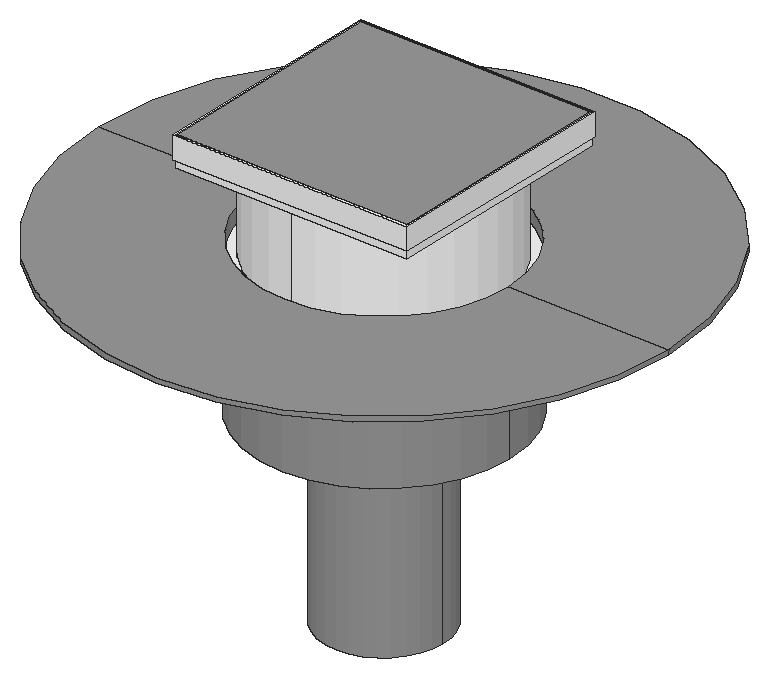
Revit family "HL_RU_Roof drain_HL62BF-B-221103", category Sanitärinstallationen, Revit 2020
Family settings
  Bemaßung runder Anschluss = Durchmesser verwenden
  Teiletyp = Normal
  OmniClass-Nummer = 23.70.50.21.24.14
  OmniClass-Titel = Deck Waste Water Drains
  Arbeitsebenenbasiert = Nein
  Immer vertikal = Ja
  Beim Laden mit Abzugskörper schneiden = Nein
  Gemeinsam genutzt = Nein
  Raumberechnungspunkt = Ja
Parameters (values of type "HL_Кровельная воронка_HL62BF_7")
  РЕШЁТКА = "Edelstahl 137x137mm"
  РАЗМЕР = "DN75"
  ПРОПУСКНАЯ СПОСОБНОСТЬ [instance] = 0.0 L/s
  ПРОИЗВОДИТЕЛЬНОСТЬ = "6,0 l/s"
  ПРАВОВАЯ ИНФОРМАЦИЯ = "Авторские права(©), права на дизайн или какие либо другие права интелектуальной собственности являются исключительной собственностью компании HL Hutterer & Lechner. Изменению не подлежит. Файл семейства с данными о прозводителе изделия защищен паролем с водяным знаком."
  НОМИНАЛЬНЫЙ ДИАМЕТР = 75 mm
  НАСАДКА = "19-65mm/148x148mm"
  МАТЕРИАЛ = "PP"
  МАКСИМАЛЬНАЯ НАГРУЗКА КЛАССА = "K - 300 kg"
  ВЕС = "1,32 [kg]"
  Vorgabe-Ansicht = 0 mm
  Hersteller = "HL Hutterer & Lechner GmbH"  # constant formula
  URL = "http://www.hutterer-lechner.com/ru/products/catalog/roof-drains/HL62BF/7.aspx"
  Материал плитка [instance] = none
  Lüftungsverbindung = no
  Abwasserrohrverbindung = yes
  HW-Verbindung = no
  KW-Verbindung = no
  Beschreibung = "Кровельные воронки"
  Model = "HL62BF_7"
  Assembly Code = " "
  Typenkommentare = "HL62BF/7 Кровельная воронка DN75 для эксплуатируемой кровли, вертикальный выпуск, с ПП_фланцем,"
  Keynote = "HL62BF_7"
  Bысота монтажа [instance] = 65 mm  # constant formula
  G [instance] = 180.00°  # constant formula
  EAN = "9003076031344"
  D [instance] = if(НОМИНАЛЬНЫЙ ДИАМЕТР = 75 mm, 116.5 mm, if(НОМИНАЛЬНЫЙ ДИАМЕТР = 125 mm, 67 mm, 60 mm)) + Bысота монтажа  # 181.5 mm
  C [instance] = if(Bысота монтажа - 68 mm < 0 mm, 0 mm, Bысота монтажа - 68 mm)  # 0 mm
  B [instance] = 100 mm  # constant formula
  A [instance] = if(B - 100 mm > 15 mm, B - 100 mm, 15 mm)  # 15 mm
Types (4, lengths in mm): name | РАЗМЕР | НОМИНАЛЬНЫЙ ДИАМЕТР | ВЕС | URL | Model | Typenkommentare | Keynote | EAN | D
  (no name) | "DN75" | 75 | "1,32 [kg]" | "http://www.hutterer-lechner.com/ru/products/catalog/roof-drains/HL62BF/7.aspx" | "HL62BF_7" | "HL62BF/7 Кровельная воронка DN75 для эксплуатируемой кровли, вертикальный выпуск, с ПП_фланцем," | "HL62BF_7" | "9003076031344" | 181.5
  HL_Кровельная воронка_HL62BF_1 | "DN110" | 110 | "0,9 [kg]" | "http://www.hutterer-lechner.com/ru/products/catalog/roof-drains/HL62BF/1.aspx" | "HL62BF_1" | "HL62BF/1 Кровельная воронка DN110 для эксплуатируемой кровли, вертикальный выпуск, с ПП_фланцем," | "HL62BF_1" | "9003076031351" | 125
  HL_Кровельная воронка_HL62BF_2 | "DN125" | 125 | "0,94 [kg]" | "http://www.hutterer-lechner.com/ru/products/catalog/roof-drains/HL62BF/2.aspx" | "HL62BF_2" | "HL62BF/2 Кровельная воронка DN125 для эксплуатируемой кровли, вертикальный выпуск, с ПП_фланцем," | "HL62BF_2" | "9003076031368" | 132
  HL_Кровельная воронка_HL62BF_7 | "DN75" | 75 | "1,32 [kg]" | "http://www.hutterer-lechner.com/ru/products/catalog/roof-drains/HL62BF/7.aspx" | "HL62BF_7" | "HL62BF/7 Кровельная воронка DN75 для эксплуатируемой кровли, вертикальный выпуск, с ПП_фланцем," | "HL62BF_7" | "9003076031344" | 181.5
Reference planes
  plane 1 "Center (Front/Back)": y = 0
  plane 2: z = 0
  plane 3 "Center (Left/Right)": x = 0
  plane 4: z = -100
  plane 5: z = -65
Lines and regions (mm)
  model lines, style "InvisibleLines"
    curve 1: line (0, 0, 0) -> (0, 0, 20)
  model lines, style "PlumbingFixtures", detail levels coarse+medium
    curve 2: line (0, 0, -100) -> (0, 0, -85)
    curve 3: line (0, 0, -85) -> (-85, 0, 0)
    curve 4: line (0, 0, -85) -> (85, 0, 0)
    curve 6: line (0, 0, -100) -> (0, 0, -281.5)
  reference lines, not visible
    curve 5: line (0, 0, -100) -> (0, 0, -281.5)
  symbolic lines, style "PlumbingFixtures", detail levels coarse+medium
    curve 7: line (-75, 75, 0) -> (75, 75, 0)
    curve 8: line (-75, -75, 0) -> (-75, 75, 0)
    curve 9: line (75, -75, 0) -> (-75, -75, 0)
    curve 10: line (75, 75, 0) -> (75, -75, 0)
    curve 11: line (-75, 75, 0) -> (-145.711, 145.711, 0)
    curve 12: line (75, 75, 0) -> (145.711, 145.711, 0)
    curve 13: line (-75, -75, 0) -> (-145.711, -145.711, 0)
    curve 14: line (75, -75, 0) -> (145.711, -145.711, 0)
  symbolic lines, style "PlumbingFixtures", not visible, detail levels coarse+medium
    curve 15: line (-75, 75, 0) -> (75, 75, 0)
    curve 16: line (-75, -75, 0) -> (-75, 75, 0)
    curve 17: line (75, -75, 0) -> (-75, -75, 0)
    curve 18: line (75, 75, 0) -> (75, -75, 0)
    curve 19: line (-75, 75, 0) -> (-145.711, 145.711, 0)
    curve 20: line (75, 75, 0) -> (145.711, 145.711, 0)
    curve 21: line (-75, -75, 0) -> (-145.711, -145.711, 0)
    curve 22: line (75, -75, 0) -> (145.711, -145.711, 0)
Text (mm)
  text "FLOOR" at (-162.344, 0, -10.979), in view "Drain Construction View"
Dimensions and locks
  "B": plane 2 to plane 4
  "Bысота монтажа": plane 2 to plane 5
  "A": curve 4 to plane 4
  "D": curve 5 to curve 5
  "D": curve 6 to curve 6
  locked: curve 4 to plane 3 "Center (Left/Right)" (angle 45.00°)
  locked: plane 3 "Center (Left/Right)" to curve 3 (angle 45.00°)
  "G": angle curve 5 to plane 3 "Center (Left/Right)"
  aligned and locked: level to plane 2
  aligned and locked: plane 2 to curve 4
  aligned and locked: plane 2 to curve 3
  aligned and locked: plane 4 to curve 5
  aligned and locked: plane 3 "Center (Left/Right)" to curve 5
  aligned and locked: plane 4 to curve 2
  aligned and locked: curve 6 to plane 3 "Center (Left/Right)"
  aligned and locked: curve 6 to plane 4
  aligned and locked: plane 2 to nested 1
  aligned and locked: plane 3 "Center (Left/Right)" to nested 1
  aligned and locked: nested 2 to plane 3 "Center (Left/Right)"
  aligned and locked: nested 2 to plane 5
Automatic sketch dimensions
  curve 2 to plane 3 "Center (Left/Right)" = 0 mm
  curve 1 to plane 3 "Center (Left/Right)" = 0 mm
  curve 1 to level = 0 mm
  level to curve 1 = 20 mm
Nested families
  nested 1: "HL_Насадка_HL66.9S" at (0, 0, 0), Bысота монтажа <- "Bысота монтажа", type "HL_Grate frame_HL66.9S"
    with L 93 mm, IHmin 12 mm, IHmax 65 mm, Bысота монтажа 65 mm
  nested 2: "HL_кровельные воронки - корпус_HL62F" at (0, 0, -65), НОМИНАЛЬНЫЙ ДИАМЕТР <- "НОМИНАЛЬНЫЙ ДИАМЕТР", type "HL_кровельные воронки - корпус_HL62F"
    with НОМИНАЛЬНЫЙ ДИАМЕТР 75 mm, L 119.5 mm
Connectors
  piping at (0, 0, -281.5), diameter 75, driven by "ПРОПУСКНАЯ СПОСОБНОСТЬ", driven by "НОМИНАЛЬНЫЙ ДИАМЕТР"
    settings: on curve 5, index 1, connector inside diameter 609.6 mm, connector length 0 mm, flow factor 0, pipe flow 0.0 L/s, pressure drop 0.0 Pa, fitting loss kfactor 0, connector angle 0.00°, fixture units 0, engagement length 0 mm, angle of deflection 0.00°, flow configuration 1, flow direction 2, fitting loss method 0, system type 16, joint type 0, gender type 0, connector reference index -1, connector utility 0, adjustable connector yes, is connector primary yes, connector description ""
Definition of nested family "HL_Насадка_HL66.9S"
  Parameters (values of type "HL_Grate frame_HL66.9S")
    РЕШЁТКА = "Edelstahl 138x138mm"
    РАЗМЕР = "d 145 mm"
    ПРАВОВАЯ ИНФОРМАЦИЯ = "Авторские права(©), права на дизайн или какие либо другие права интелектуальной собственности являются исключительной собственностью компании HL Hutterer & Lechner. Изменению не подлежит. Файл семейства с данными о прозводителе изделия защищен паролем с водяным знаком."
    НАСАДКА = "147x147mm"
    МАТЕРИАЛ = "PP"
    МАКСИМАЛЬНАЯ НАГРУЗКА КЛАССА = "K - 300 kg"
    ВЫСОТА МОНТАЖА = "12-65mm"
    Материал плитка = none
    ВЕС = "0,345 [kg]"
    Default Elevation = 0 mm
    L [instance] = if(Bысота монтажа < IHmin, -100 mm, if(Bысота монтажа > IHmax, -100 mm, Bысота монтажа + 28 mm))  # 93 mm
    Manufacturer = "HL Hutterer & Lechner GmbH"
    URL = "http://www.hutterer-lechner.com/ru/products/catalog/roof-drains/HL66.9.aspx"
    Description = "Кровельные воронки"
    Model = "HL66.9"
    Type Comments = "HL66.9, Насадка d 145мм с бороздками/147х147мм/138х138мм"
    Keynote = "HL66.9"
    Bысота монтажа [instance] = 65 mm
    IHmin [instance] = 12 mm
    IHmax [instance] = 65 mm
    EAN = "9003076014606"
    Cost = 0
  Reference planes
    plane 1 "Střed (vpředu/vzadu)": y = 0
    plane 2: z = 0
    plane 3 "Střed (vlevo/vpravo)": x = 0
  Forms (mm)
    Revolve 1, solid, detail levels fine
      sketch origin (0, 0, 128) x (0, 1, 0) y (0, 0, 1)
        loop
          line (72.5, -142) -> (69.248, -142) -> (69.248, -221) -> (72.5, -221) -> (72.5, -142)
        axis (0, -142) -> (0, -221)
      angle from 0 to 360
    Extrusion 2, solid, detail levels fine
      sketch origin (-1.537, 0, -14.6) x (0, 1, 0) y (-1, 0, 0)
        loop
          line (74, 72.459) -> (-74, 72.459) -> (-74, -75.537) -> (74, -75.537) -> (74, 72.459)
        loop
          line (73, 71.463) -> (-73, 71.463) -> (-73, -74.537) -> (73, -74.537) -> (73, 71.463)
      from 0.6 to 14.6
    Extrusion 3, solid, detail levels fine
      sketch origin (-1.537, 0, -14) x (-1, 0, 0) y (0, 1, 0)
        loop
          line (71.463, 73) -> (-74.537, 73) -> (-74.537, -73) -> (71.463, -73) -> (71.463, 73)
        loop
          circle (-1.537, 0) r 72.5
      from 0 to 5
    Extrusion 4, solid, detail levels fine
      sketch origin (-1.537, 0, -14) x (-1, 0, 0) y (0, -1, 0)
        loop
          line (70.95, -72.397) -> (70.95, 72.463) -> (-74.05, 72.463) -> (-74.05, -72.397) -> (70.95, -72.397)
      from 0 to 14
    Revolve 5, solid, detail levels fine
      sketch origin (0, 75.989, -93) x (0, -1, 0) y (0, 0, -1)
        loop
          line (3.489, -20) -> (3.489, 0) -> (0.186, 0) -> (-2.325, -2.511) -> (-2.325, -20) -> (3.489, -20)
        axis (75.989, -20) -> (75.989, 0)
      angle from 0 to 360
  Lines and regions (mm)
    model lines, detail levels fine
      curve 1: line (36.25, 24.325, 0) -> (36.25, -24.42, 0)
      curve 2: line (43.75, -24.42, 0) -> (43.75, 24.325, 0)
      curve 3: line (52.25, 40.306, 0) -> (52.25, -40.355, 0)
      curve 4: line (59.75, -40.355, 0) -> (59.75, 40.306, 0)
      curve 5: line (20.25, 8.588, 0) -> (20.25, -8.684, 0)
      curve 6: line (27.75, -8.684, 0) -> (27.75, 8.588, 0)
      curve 7: arc (27.75, 8.588, 0) -> (24, 12.338, 0) -> (20.25, 8.588, 0) r 3.75
      curve 8: arc (20.25, -8.684, 0) -> (24, -12.434, 0) -> (27.75, -8.684, 0) r 3.75
      curve 9: arc (36.25, -24.42, 0) -> (40, -28.17, 0) -> (43.75, -24.42, 0) r 3.75
      curve 10: arc (43.75, 24.325, 0) -> (40, 28.075, 0) -> (36.25, 24.325, 0) r 3.75
      curve 11: arc (59.75, 40.306, 0) -> (56, 44.056, 0) -> (52.25, 40.306, 0) r 3.75
      curve 12: arc (52.25, -40.355, 0) -> (56, -44.105, 0) -> (59.75, -40.355, 0) r 3.75
      curve 13: line (-24.325, -36.25, 0) -> (24.42, -36.25, 0)
      curve 14: line (24.42, -43.75, 0) -> (-24.325, -43.75, 0)
      curve 15: line (-40.306, -52.25, 0) -> (40.355, -52.25, 0)
      curve 16: line (40.355, -59.75, 0) -> (-40.306, -59.75, 0)
      curve 17: line (-8.588, -20.25, 0) -> (8.684, -20.25, 0)
      curve 18: line (8.684, -27.75, 0) -> (-8.588, -27.75, 0)
      curve 19: arc (-8.588, -27.75, 0) -> (-12.338, -24, 0) -> (-8.588, -20.25, 0) r 3.75
      curve 20: arc (8.684, -20.25, 0) -> (12.434, -24, 0) -> (8.684, -27.75, 0) r 3.75
      curve 21: arc (24.42, -36.25, 0) -> (28.17, -40, 0) -> (24.42, -43.75, 0) r 3.75
      curve 22: arc (-24.325, -43.75, 0) -> (-28.075, -40, 0) -> (-24.325, -36.25, 0) r 3.75
      curve 23: arc (-40.306, -59.75, 0) -> (-44.056, -56, 0) -> (-40.306, -52.25, 0) r 3.75
      curve 24: arc (40.355, -52.25, 0) -> (44.105, -56, 0) -> (40.355, -59.75, 0) r 3.75
      curve 25: line (36.25, -24.42, 0) -> (36.25, 24.325, 0)
      curve 26: line (43.75, 24.325, 0) -> (43.75, -24.42, 0)
      curve 27: line (52.25, -40.355, 0) -> (52.25, 40.306, 0)
      curve 28: line (59.75, 40.306, 0) -> (59.75, -40.355, 0)
      curve 29: line (20.25, -8.684, 0) -> (20.25, 8.588, 0)
      curve 30: line (27.75, 8.588, 0) -> (27.75, -8.684, 0)
      curve 31: arc (27.75, -8.588, 0) -> (24, -12.338, 0) -> (20.25, -8.588, 0) r 3.75
      curve 32: arc (20.25, 8.684, 0) -> (24, 12.434, 0) -> (27.75, 8.684, 0) r 3.75
      curve 33: arc (36.25, 24.42, 0) -> (40, 28.17, 0) -> (43.75, 24.42, 0) r 3.75
      curve 34: arc (43.75, -24.325, 0) -> (40, -28.075, 0) -> (36.25, -24.325, 0) r 3.75
      curve 35: arc (59.75, -40.306, 0) -> (56, -44.056, 0) -> (52.25, -40.306, 0) r 3.75
      curve 36: arc (52.25, 40.355, 0) -> (56, 44.105, 0) -> (59.75, 40.355, 0) r 3.75
      curve 37: line (24.42, -36.25, 0) -> (-24.325, -36.25, 0)
      curve 38: line (-24.325, -43.75, 0) -> (24.42, -43.75, 0)
      curve 39: line (40.355, -52.25, 0) -> (-40.306, -52.25, 0)
      curve 40: line (-40.306, -59.75, 0) -> (40.355, -59.75, 0)
      curve 41: line (8.684, -20.25, 0) -> (-8.588, -20.25, 0)
      curve 42: line (-8.588, -27.75, 0) -> (8.684, -27.75, 0)
      curve 43: arc (8.588, -27.75, 0) -> (12.338, -24, 0) -> (8.588, -20.25, 0) r 3.75
      curve 44: arc (-8.684, -20.25, 0) -> (-12.434, -24, 0) -> (-8.684, -27.75, 0) r 3.75
      curve 45: arc (-24.42, -36.25, 0) -> (-28.17, -40, 0) -> (-24.42, -43.75, 0) r 3.75
      curve 46: arc (24.325, -43.75, 0) -> (28.075, -40, 0) -> (24.325, -36.25, 0) r 3.75
      curve 47: arc (40.306, -59.75, 0) -> (44.056, -56, 0) -> (40.306, -52.25, 0) r 3.75
      curve 48: arc (-40.355, -52.25, 0) -> (-44.105, -56, 0) -> (-40.355, -59.75, 0) r 3.75
      curve 49: line (-36.25, 24.325, 0) -> (-36.25, -24.325, 0)
      curve 50: line (-43.75, -24.325, 0) -> (-43.75, 24.325, 0)
      curve 51: line (-52.25, 40.306, 0) -> (-52.25, -40.306, 0)
      curve 52: line (-59.75, -40.306, 0) -> (-59.75, 40.306, 0)
      curve 53: line (-20.25, 8.588, 0) -> (-20.25, -8.588, 0)
      curve 54: line (-27.75, -8.684, 0) -> (-27.75, 8.588, 0)
      curve 55: arc (-27.75, 8.588, 0) -> (-24, 12.338, 0) -> (-20.25, 8.588, 0) r 3.75
      curve 56: arc (-20.25, -8.684, 0) -> (-24, -12.434, 0) -> (-27.75, -8.684, 0) r 3.75
      curve 57: arc (-43.75, 24.325, 0) -> (-40, 28.075, 0) -> (-36.25, 24.325, 0) r 3.75
      curve 58: arc (-59.75, 40.306, 0) -> (-56, 44.056, 0) -> (-52.25, 40.306, 0) r 3.75
      curve 59: line (-36.25, -24.325, 0) -> (-36.25, 24.325, 0)
      curve 60: line (-43.75, 24.325, 0) -> (-43.75, -24.325, 0)
      curve 61: line (-52.25, -40.306, 0) -> (-52.25, 40.306, 0)
      curve 62: line (-59.75, 40.306, 0) -> (-59.75, -40.306, 0)
      curve 63: line (-20.25, -8.588, 0) -> (-20.25, 8.588, 0)
      curve 64: line (-27.75, 8.588, 0) -> (-27.75, -8.684, 0)
      curve 65: arc (-27.75, -8.588, 0) -> (-24, -12.338, 0) -> (-20.25, -8.588, 0) r 3.75
      curve 66: arc (-20.25, 8.684, 0) -> (-24, 12.434, 0) -> (-27.75, 8.684, 0) r 3.75
      curve 67: arc (-36.25, 24.42, 0) -> (-40, 28.17, 0) -> (-43.75, 24.42, 0) r 3.75
      curve 68: arc (-43.75, -24.325, 0) -> (-40, -28.075, 0) -> (-36.25, -24.325, 0) r 3.75
      curve 69: arc (-59.75, -40.306, 0) -> (-56, -44.056, 0) -> (-52.25, -40.306, 0) r 3.75
      curve 70: arc (-52.25, 40.355, 0) -> (-56, 44.105, 0) -> (-59.75, 40.355, 0) r 3.75
      curve 71: line (-24.42, 36.25, 0) -> (24.325, 36.25, 0)
      curve 72: line (24.42, 43.75, 0) -> (-24.42, 43.75, 0)
      curve 73: line (-40.355, 52.25, 0) -> (40.306, 52.25, 0)
      curve 74: line (40.306, 59.75, 0) -> (-40.355, 59.75, 0)
      curve 75: line (-8.588, 20.25, 0) -> (8.588, 20.25, 0)
      curve 76: line (8.684, 27.75, 0) -> (-8.588, 27.75, 0)
      curve 77: arc (-8.588, 27.75, 0) -> (-12.338, 24, 0) -> (-8.588, 20.25, 0) r 3.75
      curve 78: arc (8.684, 20.25, 0) -> (12.434, 24, 0) -> (8.684, 27.75, 0) r 3.75
      curve 79: arc (24.42, 36.25, 0) -> (28.17, 40, 0) -> (24.42, 43.75, 0) r 3.75
      curve 80: line (24.325, 36.25, 0) -> (-24.42, 36.25, 0)
      curve 81: line (-24.42, 43.75, 0) -> (24.42, 43.75, 0)
      curve 82: line (40.306, 52.25, 0) -> (-40.355, 52.25, 0)
      curve 83: line (-40.355, 59.75, 0) -> (40.306, 59.75, 0)
      curve 84: line (8.588, 20.25, 0) -> (-8.588, 20.25, 0)
      curve 85: line (-8.588, 27.75, 0) -> (8.684, 27.75, 0)
      curve 86: arc (8.588, 27.75, 0) -> (12.338, 24, 0) -> (8.588, 20.25, 0) r 3.75
      curve 87: arc (-8.684, 20.25, 0) -> (-12.434, 24, 0) -> (-8.684, 27.75, 0) r 3.75
      curve 88: arc (-24.42, 36.25, 0) -> (-28.17, 40, 0) -> (-24.42, 43.75, 0) r 3.75
      curve 89: arc (24.325, 43.75, 0) -> (28.075, 40, 0) -> (24.325, 36.25, 0) r 3.75
      curve 90: arc (40.306, 59.75, 0) -> (44.056, 56, 0) -> (40.306, 52.25, 0) r 3.75
      curve 91: arc (-40.355, 52.25, 0) -> (-44.105, 56, 0) -> (-40.355, 59.75, 0) r 3.75
    reference lines
      curve 92: line (0, 75.989, -93) -> (0, -174.011, -93)
  Dimensions and locks
    Extrusion 2 sketch curve to Extrusion 2 sketch curve = 147.996 mm
    Extrusion 2 sketch curve to Extrusion 2 sketch curve = 148 mm
    "L": curve 92 to plane 2
    aligned and locked: level to plane 2
    aligned and locked: Revolve 1 to curve 92
  Automatic sketch dimensions
    plane 1 "Střed (vpředu/vzadu)" to Extrusion 2 sketch curve = 74 mm
    Extrusion 2 sketch curve to Extrusion 2 sketch curve = 1 mm  (x3)
    plane 3 "Střed (vlevo/vpravo)" to Extrusion 2 sketch curve = 74 mm
    Extrusion 2 sketch curve to Extrusion 2 sketch curve = 0.996 mm
    Extrusion 3 sketch curve to Extrusion 2 = 0 mm  (x4)
    Extrusion 3 sketch curve to Extrusion 2 = 73 mm  (x2)
    Extrusion 2 to curve 16 = 13.25 mm
    curve 24 to curve 47 = 3.75 mm
    curve 47 to curve 24 = 0 mm
    curve 48 to curve 23 = 0 mm  (x2)
    curve 23 to curve 38 = 8.5 mm
    curve 24 to curve 12 = 11.895 mm
    curve 12 to curve 35 = 0.048 mm
    curve 15 to curve 69 = 11.944 mm
    curve 22 to curve 45 = 3.75 mm
    curve 21 to curve 46 = 3.75 mm
    curve 46 to curve 21 = 0 mm
    curve 22 to curve 18 = 8.5 mm
    curve 21 to curve 9 = 11.83 mm
    curve 13 to curve 49 = 11.925 mm
    curve 9 to curve 34 = 0.095 mm
    curve 18 to curve 19 = 3.75 mm
    curve 44 to curve 19 = 0 mm  (x2)
    curve 43 to curve 20 = 0 mm
    curve 20 to curve 5 = 11.566 mm
    curve 49 to curve 64 = 15.642 mm
    curve 8 to curve 31 = 0.095 mm
    curve 56 to curve 53 = 0.095 mm
    curve 65 to curve 64 = 17.177 mm
    curve 31 to curve 29 = 17.177 mm
    curve 7 to curve 32 = 0.095 mm
    curve 55 to curve 66 = 0.095 mm
    curve 32 to curve 84 = 11.566 mm
    curve 86 to curve 78 = 3.75 mm
    curve 86 to curve 78 = 0 mm
    curve 77 to curve 87 = 3.75 mm
    curve 87 to curve 77 = 0 mm  (x2)
    curve 66 to curve 60 = 15.642 mm
    curve 32 to curve 26 = 15.642 mm
    curve 10 to curve 33 = 0.095 mm
    curve 57 to curve 67 = 0.095 mm
    curve 33 to curve 71 = 11.83 mm
    curve 89 to curve 89 = 3.75 mm
    curve 88 to curve 88 = 3.75 mm
    curve 89 to curve 79 = 0 mm
    curve 33 to curve 11 = 15.886 mm
    curve 67 to curve 51 = 15.886 mm
    curve 58 to curve 70 = 0.048 mm
    curve 11 to curve 36 = 0.048 mm
    curve 70 to curve 73 = 11.895 mm
    curve 90 to curve 90 = 3.75 mm
    Extrusion 2 to curve 28 = 13.25 mm
    curve 4 to curve 11 = 3.75 mm
    curve 35 to curve 12 = 0 mm
    curve 36 to curve 11 = 0 mm
    curve 3 to curve 2 = 8.5 mm
    curve 3 to curve 39 = 11.895 mm
    curve 11 to curve 83 = 11.944 mm
    curve 24 to curve 47 = 0.048 mm
    curve 26 to curve 9 = 3.75 mm
    curve 33 to curve 10 = 0 mm
    curve 34 to curve 9 = 0 mm
    curve 34 to curve 30 = 8.5 mm
    curve 90 to curve 72 = 15.886 mm
    curve 1 to curve 21 = 11.83 mm
    curve 79 to curve 80 = 0.095 mm
    curve 21 to curve 46 = 0.095 mm
    curve 6 to curve 32 = 3.75 mm
    curve 6 to curve 8 = 3.75 mm
    curve 31 to curve 8 = 0 mm
    curve 29 to curve 17 = 11.566 mm
    curve 7 to curve 78 = 11.566 mm
    curve 78 to curve 86 = 0.095 mm
    curve 20 to curve 43 = 0.095 mm
    curve 43 to curve 41 = 17.177 mm
    curve 86 to curve 77 = 17.177 mm
    curve 19 to curve 44 = 0.095 mm
    curve 77 to curve 87 = 0.095 mm
    curve 87 to curve 53 = 11.566 mm
    curve 53 to curve 66 = 3.75 mm
    curve 55 to curve 66 = 0 mm
    curve 56 to curve 54 = 3.75 mm
    curve 65 to curve 56 = 0 mm
    curve 44 to curve 14 = 15.642 mm
    curve 22 to curve 45 = 0.095 mm
    curve 87 to curve 72 = 15.736 mm
    curve 45 to curve 59 = 11.83 mm
    curve 57 to curve 67 = 3.75 mm
    curve 68 to curve 68 = 3.75 mm
    curve 45 to curve 15 = 15.886 mm
    curve 23 to curve 48 = 0.048 mm
    curve 72 to curve 74 = 15.935 mm
    curve 91 to curve 51 = 11.895 mm
    curve 51 to curve 70 = 3.75 mm
    curve 51 to curve 69 = 3.75 mm
    curve 45 to curve 22 = 0 mm
    curve 36 to curve 28 = 0 mm
    curve 33 to curve 2 = 0 mm
    curve 32 to curve 30 = 0 mm
    curve 66 to curve 55 = 0 mm
    curve 67 to curve 57 = 0 mm
    curve 70 to curve 51 = 0 mm
    Extrusion 4 sketch curve to Extrusion 3 = 0.487 mm
    Extrusion 4 sketch curve to Extrusion 3 = 0.513 mm
    Extrusion 4 sketch curve to Extrusion 3 = 0.603 mm
    Extrusion 4 sketch curve to Extrusion 3 = 0.537 mm
    Revolve 1 sketch curve to plane 1 "Střed (vpředu/vzadu)" = 0 mm
    Revolve 1 sketch curve to level = 14 mm
    Revolve 1 sketch curve to plane 1 "Střed (vpředu/vzadu)" = 69.248 mm
    Revolve 1 sketch curve to Revolve 1 sketch curve = 3.252 mm
    Revolve 1 sketch curve to Revolve 1 sketch curve = 79 mm
    Revolve 1 sketch curve to Revolve 1 sketch curve = 17.5 mm
    level to Revolve 1 sketch curve = 144.5 mm
    Revolve 5 sketch curve to curve 92 = 0 mm
    Revolve 5 sketch curve to curve 92 = 2.325 mm
    curve 92 to Revolve 5 sketch curve = 0.186 mm
    curve 92 to Revolve 5 sketch curve = 3.489 mm
    Revolve 5 sketch curve to curve 92 = 2.511 mm
    Revolve 5 sketch curve to curve 92 = 20 mm
    curve 92 to Revolve 5 sketch curve = 75.989 mm
    Revolve 5 sketch curve to curve 92 = 393 mm
    curve 92 to Revolve 5 sketch curve = 207 mm
    plane 1 "Střed (vpředu/vzadu)" to curve 92 = 174.011 mm
    curve 92 to plane 1 "Střed (vpředu/vzadu)" = 75.989 mm
    radius of Extrusion 3 sketch curve = 72.5 mm
Definition of nested family "HL_кровельные воронки - корпус_HL62F"
  Parameters (values of type "HL_кровельные воронки - корпус_HL62F")
    НОМИНАЛЬНЫЙ ДИАМЕТР [instance] = 110 mm
    Default Elevation = 0 mm
    Manufacturer = ""
    URL = ""
    Description = ""
    Model = ""
    L [instance] = if(НОМИНАЛЬНЫЙ ДИАМЕТР = 75 mm, 119.5 mm, if(НОМИНАЛЬНЫЙ ДИАМЕТР = 110 mm, 63 mm, if(НОМИНАЛЬНЫЙ ДИАМЕТР = 125 mm, 70 mm, 0 mm)))  # 63 mm
    Type Comments = ""
    Cost = 0
  Reference planes
    plane 1 "Střed (vpředu/vzadu)": y = 0
    plane 2: z = 0
    plane 3 "Střed (vlevo/vpravo)": x = 0
    plane 4: z = -97
  Forms (mm)
    Revolve 1, solid, detail levels fine
      sketch origin (0, 0, 0) x (1, 0, 0) y (0, 0, 1)
        loop
          line (-180, -3) -> (-81.687, -3) -> (-81.687, -17.808) -> (-79.882, -20.934) -> (-79.882, -97) -> (0, -97) -> (0, -37.3) -> (-64.783, -37.3) -> (-65.765, -29.3) -> (-74.763, -29.3) -> (-74.763, -23.875) -> (-78.907, -16.698) -> (-78.907, 0) -> (-180, 0) -> (-180, -3)
        axis (0, 0) -> (0, -97)
      angle from 0 to 360
    Extrusion 2, solid, detail levels fine
      sketch origin (-79.882, -1524, -97) x (-1, 0, 0) y (0, -1, 0)
        loop
          circle (-79.882, -1524) r 55
      from 0 to -63
  Cuts and joins
    joined: Revolve 1, Extrusion 2
  Dimensions and locks
    "L": plane 4 to cut or joined group of Revolve 1, Extrusion 2
    "НОМИНАЛЬНЫЙ ДИАМЕТР": diameter of Extrusion 2 sketch curve
    aligned and locked: level to plane 2
  Automatic sketch dimensions
    Revolve 1 sketch curve to level = 0 mm
    Revolve 1 sketch curve to plane 3 "Střed (vlevo/vpravo)" = 0 mm  (x2)
    Revolve 1 sketch curve to plane 3 "Střed (vlevo/vpravo)" = 64.783 mm
    Revolve 1 sketch curve to level = 29.3 mm
    Revolve 1 sketch curve to Revolve 1 sketch curve = 0.982 mm
    Revolve 1 sketch curve to Revolve 1 sketch curve = 8.998 mm
    Revolve 1 sketch curve to level = 16.698 mm
    Revolve 1 sketch curve to Revolve 1 sketch curve = 4.143 mm
    Revolve 1 sketch curve to Revolve 1 sketch curve = 15.099 mm
    Revolve 1 sketch curve to Revolve 1 sketch curve = 2.78 mm
    Revolve 1 sketch curve to level = 3 mm
    Revolve 1 sketch curve to Revolve 1 sketch curve = 98.313 mm
    Revolve 1 sketch curve to Revolve 1 sketch curve = 8 mm
    Revolve 1 sketch curve to Revolve 1 sketch curve = 59.7 mm
    Revolve 1 sketch curve to Revolve 1 sketch curve = 5.425 mm
    Revolve 1 sketch curve to Revolve 1 sketch curve = 4.236 mm
    Revolve 1 sketch curve to Revolve 1 sketch curve = 1.11 mm
    Revolve 1 sketch curve to Revolve 1 sketch curve = 203 mm
    level to Revolve 1 sketch curve = 295.621 mm
    plane 1 "Střed (vpředu/vzadu)" to Extrusion 2 sketch curve = 0 mm
    Extrusion 2 sketch curve to plane 3 "Střed (vlevo/vpravo)" = 0 mm
